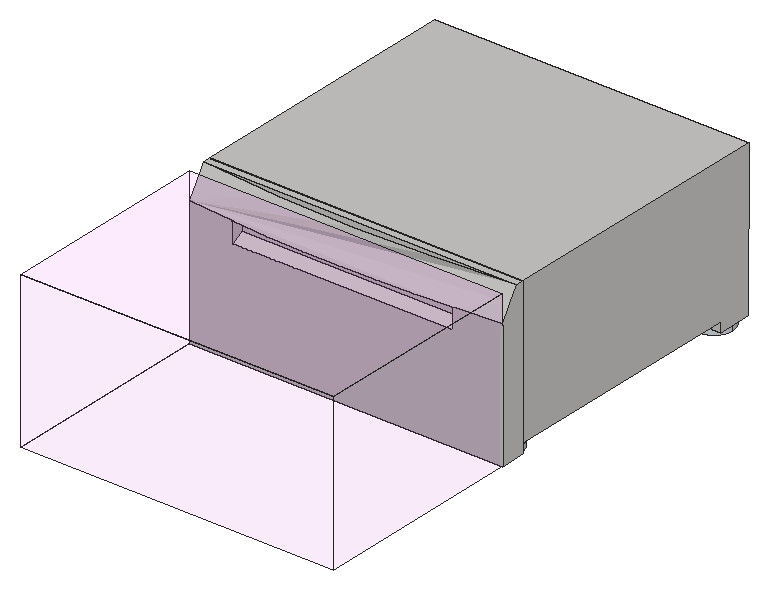
Revit family "PDSTP10S", category Specialty Equipment, Revit 2014
Parameters
  Width [instance] = 23.4252"
  Height [instance] = 12.00787"
  Depth [instance] = 24.3937"
Reference planes (in)
  plane 1 "Center (Front/Back)": y = 0
  plane 2: z = 0
  plane 3 "Center (Left/Right)": x = 0
  plane 4 "BACK": y = 12.19685
  plane 5 "FRONT": y = -12.19685
  plane 6 "voidPanel": through (0, -10.98779, 33.3338) normal (0, -0.9308, 0.3656)
  plane 7: x = 11.7126
  plane 8: x = -11.7126
  plane 9: y = 11.44565
  plane 10: y = -27.92442
  plane 11: z = 12.00787
Forms (in)
  Extrusion 1, void
    sketch origin (0, 0, 0) x (1, 0, 0) y (0, 1, 0)
      loop
        line (11.7126, -12.19685) -> (13.71063, -12.19685) -> (13.71063, -8.25984) -> (11.7126, -8.25984) -> (11.7126, -12.19685)
    from 0 to 12.90102
  Extrusion 2, void
    sketch origin (0, 0, 0) x (1, 0, 0) y (0, 1, 0)
      loop
        line (-11.7126, -12.19685) -> (-11.7126, -8.25984) -> (-13.71063, -8.25984) -> (-13.71063, -12.19685) -> (-11.7126, -12.19685)
    from 0 to 12.90102
  Extrusion 3, solid
    sketch origin (0, 1.7055, 0) x (1, 0, 0) y (0, 1, 0)
      loop
        circle (-10.25, 8.3622) r 1.37795
    from 0 to 0.3937
  Extrusion 4, solid
    sketch origin (0, 1.7055, 0) x (1, 0, 0) y (0, 1, 0)
      loop
        circle (10.25, 8.3622) r 1.37795
    from 0 to 0.3937
  Extrusion 5, solid
    sketch origin (0, -0.40474, 0) x (1, 0, 0) y (0, 1, 0)
      loop
        circle (-10.25, -8.4252) r 0.7874
    from 0 to 0.3937
  Extrusion 6, solid
    sketch origin (0, -0.40474, 0) x (1, 0, 0) y (0, 1, 0)
      loop
        circle (-10.25, -8.4252) r 0.31496
    from 0.3937 to 1.1811
  Extrusion 7, solid
    sketch origin (0, -0.40474, 0) x (1, 0, 0) y (0, 1, 0)
      loop
        circle (10.25, -8.4252) r 0.7874
    from 0 to 0.3937
  Extrusion 8, solid
    sketch origin (0, -0.40474, 0) x (1, 0, 0) y (0, 1, 0)
      loop
        circle (10.25, -8.4252) r 0.31496
    from 0.3937 to 1.1811
  Revolve 9, solid, material "QF_Finishes_Stainless Steel"
    sketch origin (0, 0, 0) x (0, 1, 0) y (0, 0, 1)
      loop
        line (-9.61734, 12.00787) -> (-10.8153, 12.00787) -> (-12.10373, 9.99171) -> (-12.10373, 0.3937) -> (-9.61734, 0.3937) -> (-9.61734, 12.00787)
      axis (106.02619, 0.3937) -> (106.02619, 12.00787)
    angle from -6 to 6
  Revolve 10, void
    sketch origin (0, 0, 0) x (0, 1, 0) y (0, 0, 1)
      loop
        line (-12.30058, 10.10431) -> (-12.30058, 8.34101) -> (-11.32481, 8.98785) -> (-11.32481, 9.54618) -> (-12.30058, 10.10431)
      axis (106.02619, 10.10431) -> (106.02619, 8.34101)
    angle from 4 to -4
  Extrusion 11, solid, material "QF_Finishes_Stainless Steel"
    sketch origin (0, 0, 0) x (0, 1, 0) y (0, 0, 1)
      loop
        line (-9.61734, 1.1811) -> (8.8866, 1.1811) -> (8.8866, 0.3937) -> (11.44565, 0.3937) -> (11.44565, 12.00787) -> (-9.61734, 12.00787) -> (-9.61734, 1.1811)
    from -11.7126 to 11.7126
  Extrusion 12, void
    sketch origin (0, 0, 29.31006) x (0, 1, 0) y (-1, 0, 0)
      loop
        line (-9.61734, 11.7126) -> (-9.61734, -11.7126) -> (-8.82994, -11.7126) -> (-8.82994, 11.7126) -> (-9.61734, 11.7126)
    from -29.31006 to -16.40904
  Extrusion 13, solid, material "QF_Door-Drawer Clearances"
    sketch origin (0, -15.8207, 29.31006) x (0, 1, 0) y (-1, 0, 0)
      loop
        line (4.29905, 11.7126) -> (-11.52164, 11.7126)
        arc (-11.52164, 11.7126) -> (-12.10373, 0) -> (-11.52164, -11.7126) r 118.12992
        line (-11.52164, -11.7126) -> (4.29905, -11.7126) -> (4.29905, 11.7126)
    from -28.91636 to -17.30218
Cuts and joins
  Extrusion 1, Extrusion 2, Revolve 10, Extrusion 12 cuts Revolve 9
Lines and regions (in)
  model lines
    curve 1: line (9.97504, -12.35102, 0) -> (9.98695, -12.49821, 0)
  symbolic lines, style "QF_Door-Drawer Clearances"
    curve 2: line (-9.55803, -29.77157, 29.31006) -> (-9.43992, -29.77157, 29.31006)
    curve 11: line (-11.7126, -11.52164, 29.31006) -> (-11.7126, -27.34234, 29.31006)
    curve 12: line (11.7126, -11.52164, 29.31006) -> (11.7126, -27.34234, 29.31006)
  symbolic lines
    curve 3: line (-11.7126, 11.44565, 29.31006) -> (11.7126, 11.44565, 29.31006)
    curve 4: line (11.7126, 11.44565, 29.31006) -> (11.7126, -9.61734, 29.31006)
    curve 5: line (11.7126, -9.61734, 29.31006) -> (-11.7126, -9.61734, 29.31006)
    curve 6: line (-11.7126, -9.61734, 29.31006) -> (-11.7126, 11.44565, 29.31006)
    curve 7: line (-11.7126, -9.61734, 29.31006) -> (-11.7126, -11.52164, 29.31006)
    curve 8: line (11.7126, -9.61734, 29.31006) -> (11.7126, -11.52164, 29.31006)
    curve 9: arc (-11.7126, -10.22676, 29.31006) -> (0, -10.8153, 29.31006) -> (11.7126, -10.22676, 29.31006) r 116.84149
    curve 10: arc (-11.7126, -11.52164, 29.31006) -> (0, -12.10373, 29.31006) -> (11.7126, -11.52164, 29.31006) r 118.12992
Dimensions and locks (in)
  equal spacing: plane 5 "FRONT", plane 1 "Center (Front/Back)", plane 4 "BACK"
  plane 5 "FRONT" to plane 4 "BACK" = 24.3937"
  Extrusion 11 to Extrusion 11 = 21.06299"
  "Width": plane 8 to plane 7
  plane 9 to plane 10 = 39.37008"
  "Height": plane 11 to level
  "Depth": plane 5 "FRONT" to plane 4 "BACK"
  aligned and locked: level to plane 2
Automatic sketch dimensions
  plane 5 "FRONT" to Extrusion 1 sketch curve = 0"
  Extrusion 1 sketch curve to Extrusion 1 sketch curve = 1.99803"
  plane 5 "FRONT" to Extrusion 2 sketch curve = 0"
  Extrusion 2 sketch curve to Extrusion 2 sketch curve = 1.99803"
  plane 4 "BACK" to Extrusion 3 sketch curve = 2.12915"
  plane 4 "BACK" to Extrusion 4 sketch curve = 2.12915"
  Extrusion 1 sketch curve to plane 5 "FRONT" = 3.93701"
  Extrusion 2 sketch curve to plane 5 "FRONT" = 3.93701"
  Extrusion 5 sketch curve to plane 5 "FRONT" = 3.36691"
  Extrusion 6 sketch curve to plane 5 "FRONT" = 3.36691"
  Extrusion 7 sketch curve to plane 5 "FRONT" = 3.36691"
  Extrusion 8 sketch curve to plane 5 "FRONT" = 3.36691"
  Revolve 9 sketch curve to plane 5 "FRONT" = 0.09312"
  Revolve 9 sketch curve to plane 5 "FRONT" = 1.38155"
  Revolve 9 sketch curve to Revolve 9 sketch curve = 1.19796"
  level to Revolve 9 sketch curve = 0.3937"
  Revolve 9 sketch curve to Revolve 9 sketch curve = 9.59801"
  Revolve 9 sketch curve to Revolve 9 sketch curve = 2.01616"
  Revolve 9 sketch curve to plane 4 "BACK" = 93.82934"
  level to Revolve 9 sketch curve = 12.2584"
  Revolve 9 sketch curve to Revolve 9 sketch curve = 58.26772"
  plane 5 "FRONT" to Revolve 10 sketch curve = 0.10373"
  Revolve 10 sketch curve to plane 5 "FRONT" = 0.87204"
  level to Revolve 10 sketch curve = 8.34101"
  Revolve 10 sketch curve to Revolve 10 sketch curve = 0.64683"
  Revolve 10 sketch curve to Revolve 10 sketch curve = 0.55833"
  Revolve 10 sketch curve to Revolve 10 sketch curve = 0.55813"
  Revolve 10 sketch curve to level = 5.85183"
  Revolve 10 sketch curve to plane 4 "BACK" = 93.82934"
  level to Revolve 10 sketch curve = 31.94344"
  level to Extrusion 11 sketch curve = 1.1811"
  plane 4 "BACK" to Extrusion 11 sketch curve = 3.31025"
  plane 4 "BACK" to Extrusion 11 sketch curve = 0.7512"
  level to Extrusion 11 sketch curve = 0.3937"
  Extrusion 11 sketch curve to Extrusion 11 sketch curve = 10.82677"
  Extrusion 11 sketch curve to plane 5 "FRONT" = 2.57951"
  plane 3 "Center (Left/Right)" to Extrusion 1 sketch curve = 11.7126"
  plane 3 "Center (Left/Right)" to Extrusion 4 sketch curve = 10 1/4"
  plane 3 "Center (Left/Right)" to Extrusion 7 sketch curve = 10 1/4"
  plane 3 "Center (Left/Right)" to Extrusion 8 sketch curve = 10 1/4"
  Extrusion 2 sketch curve to plane 3 "Center (Left/Right)" = 13.71063"
  Extrusion 3 sketch curve to plane 3 "Center (Left/Right)" = 10 1/4"
  Extrusion 5 sketch curve to plane 3 "Center (Left/Right)" = 10 1/4"
  Extrusion 6 sketch curve to plane 3 "Center (Left/Right)" = 10 1/4"
  Extrusion 12 sketch curve to plane 7 = 0"
  Extrusion 12 sketch curve to plane 8 = 0"
  Extrusion 12 sketch curve to plane 5 "FRONT" = 2.57951"
  Extrusion 12 sketch curve to Extrusion 12 sketch curve = 0.7874"
  Extrusion 13 sketch curve to plane 8 = 0"
  Extrusion 13 sketch curve to plane 7 = 0"
  Extrusion 13 sketch curve to plane 3 "Center (Left/Right)" = 0"
  plane 5 "FRONT" to Extrusion 13 sketch curve = 15.14549"
  Extrusion 13 sketch curve to plane 9 = 22.9673"
  Extrusion 13 sketch curve to plane 4 "BACK" = 78.00864"
  curve 9 to curve 10 = 0"  (x2)
  curve 11 to plane 8 = 0"
  curve 8 to plane 7 = 0"
  curve 6 to plane 9 = 0"
  curve 9 to plane 3 "Center (Left/Right)" = 0"
  curve 6 to plane 5 "FRONT" = 2.57951"
  curve 7 to plane 5 "FRONT" = 0.67521"
  curve 9 to plane 4 "BACK" = 93.82934"
  curve 9 to curve 4 = 0.60942"
  plane 10 to curve 12 = 0.58209"
  plane 10 to curve 11 = 0.58209"
  curve 2 to plane 10 = 1.84715"
  plane 8 to curve 2 = 2.27268"
  curve 2 to curve 2 = 0.11811"
  radius of Extrusion 3 sketch curve = 1.37795"
  radius of Extrusion 4 sketch curve = 1.37795"
  radius of Extrusion 5 sketch curve = 0.7874"
  radius of Extrusion 6 sketch curve = 0.31496"
  radius of Extrusion 7 sketch curve = 0.7874"
  radius of Extrusion 8 sketch curve = 0.31496"
